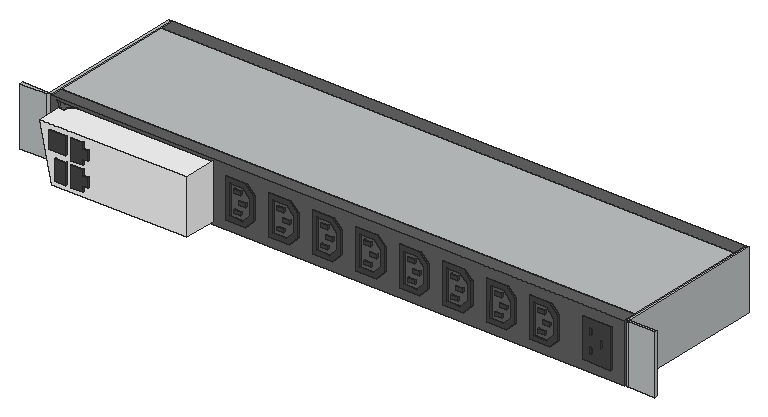
Revit family "Metered PDU 1U", category Installations électriques, Revit 2020
Family settings
  Conserver l'orientation des annotations = Non
  Cote de connecteur circulaire = Utiliser le diamètre
  Type d'élément = Normal
  Numéro OmniClass = 23.80.00.00
  Titre OmniClass = Electric Power and Lighting
  Basée sur le plan de construction = Non
  Toujours verticalement = Oui
  Couper avec des vides une fois chargée = Non
  Partagée = Non
  Point de calcul de pièce = Non
Parameters (values of type "PDU MN 19P 1P 16A 12 C13")
  type of voltage = "AC"  # constant formula
  Width (mm) = 482.6 mm
  Type of electric connection = "C20"
  Terminal marking indication = no
  Supply current = "16-16"
  Standby consumption = 0 mA
  RAL Number = "9017"  # constant formula
  Programming way = "Appli Web"
  Profondeur cuve + capot = 115 mm
  Power frequency = "50-50"  # constant formula
  Number of phases = 1
  Number of MCB = 0
  Number of C19 outlets = 0
  Number of C13 outlets = 8
  Mounting direction = "Horizontal"
  Length = 44.5 mm
  Legrand part number = "LG-646101"
  IP = "IP40"
  GTIN = "3414972245913"
  Function = "Unit DE DISTRIBUTION D'ENERGIE"  # constant formula
  Fabricant = "LEGRAND"  # constant formula
  Elévation par défaut = 1000 mm
  E-catalogue link = "https://www.legrand.fr/reference/646101/pro"
  Description = "PDU metered base 19 inch 1 phase 16A 12 C13 locking outlets IEC-320 C20"
  Depth (mm) = 115 mm
  Connectable by internet box = yes
  Color = "Black"  # constant formula
  Cable cross section MIN_MAX = ""
  Base_Node = Base_Node_Horizontal : Node HD
  BIM wording = "Linkeo DATA CENTER BASIC PDU"  # constant formula
  Application class = "EC002762"  # constant formula
Types (3, lengths in mm): name | Legrand part number | GTIN | E-catalogue link | Base_Node
  (no name) | "LG-646101" | "3414972245913" | "https://www.legrand.fr/reference/646101/pro" | Base_Node_Horizontal : Base HD
  PDU MB 19P 1P 16A 12 C13 | "LG-646100" | "3414972245852" | "https://www.legrand.fr/reference/646100/pro" | Base_Node_Horizontal : Base HD
  PDU MN 19P 1P 16A 12 C13 | "LG-646101" | "3414972245913" | "https://www.legrand.fr/reference/646101/pro" | Base_Node_Horizontal : Node HD
Reference planes
  plane 1 "Centre (avant/arrière)": y = 0
  plane 2: z = 0
  plane 3 "Centre (gauche/droite)": x = 0
  plane 4: x = -241.3
  plane 5: x = 241.3
  plane 6: y = -115
  plane 7: z = 44.5
  plane 8: y = -105
  plane 9: x = -218.3
  plane 10: x = 218.3
  plane 11: y = -10
Forms (mm)
  Extrusion 1, solid, material "LEGRAND - Inox"
    sketch origin (0, 0, 0) x (1, 0, 0) y (0, 1, 0)
      loop
        line (-218.3, -10) -> (-218.3, -105) -> (218.3, -105) -> (218.3, -10) -> (-218.3, -10)
    from 0 to 44.5
  Extrusion 2, solid, material "LEGRAND - Noir 9017"
    sketch origin (0, 0, 0) x (1, 0, 0) y (0, 1, 0)
      loop
        line (-218.3, -105) -> (-218.3, -115) -> (218.3, -115) -> (218.3, -105) -> (-218.3, -105)
    from 0 to 44.5
  Extrusion 3, solid, material "LEGRAND - Noir 9017"
    sketch origin (0, 105, 0) x (1, 0, 0) y (0, 1, 0)
      loop
        line (-218.3, -105) -> (-218.3, -115) -> (218.3, -115) -> (218.3, -105) -> (-218.3, -105)
    from 0 to 44.5
  Extrusion 4, solid, material "LEGRAND - Inox"
    sketch origin (0, 0, 0) x (1, 0, 0) y (0, 1, 0)
      loop
        arc (-220.3, -112) -> (-220.593, -112.707) -> (-221.3, -113) r 1
        line (-221.3, -113) -> (-241.3, -113) -> (-241.3, -115) -> (-221.3, -115)
        arc (-221.3, -115) -> (-219.179, -114.121) -> (-218.3, -112) r 3
        line (-218.3, -112) -> (-218.3, 0) -> (-220.3, 0) -> (-220.3, -112)
    from 0 to 44.5
  Extrusion 5, solid, material "LEGRAND - Inox"
    sketch origin (0, 0, 0) x (-1, 0, 0) y (0, -1, 0)
      loop
        line (-220.3, 112) -> (-220.3, 0) -> (-218.3, 0) -> (-218.3, 112)
        arc (-218.3, 112) -> (-219.179, 114.121) -> (-221.3, 115) r 3
        line (-221.3, 115) -> (-241.3, 115) -> (-241.3, 113) -> (-221.3, 113)
        arc (-221.3, 113) -> (-220.593, 112.707) -> (-220.3, 112) r 1
    from 0 to 44.5
  Extrusion 6, solid, material "LEGRAND - Noir", detail levels fine
    sketch origin (218.3, -115, 0) x (-1, 0, 0) y (0, 0, -1)
      loop
        line (9.874, -36.919) -> (31.374, -36.919) -> (31.374, -7.419) -> (9.874, -7.419) -> (9.874, -36.919)
      loop
        line (23.624, -31.169) -> (25.624, -31.169) -> (25.624, -26.169) -> (23.624, -26.169) -> (23.624, -31.169)
      loop
        line (15.624, -25.169) -> (17.624, -25.169) -> (17.624, -19.169) -> (15.624, -19.169) -> (15.624, -25.169)
      loop
        line (25.624, -18.169) -> (25.624, -13.169) -> (23.624, -13.169) -> (23.624, -18.169) -> (25.624, -18.169)
    from 0 to 1
Lines and regions (mm)
  model lines, detail levels fine
    curve 1: line (-228.8, -115, 41.55) -> (-235.8, -115, 41.55)
    curve 2: arc (-235.8, -115, 41.55) -> (-239.3, -115, 38.05) -> (-235.8, -115, 34.55) r 3.5
    curve 3: line (-235.8, -115, 34.55) -> (-228.8, -115, 34.55)
    curve 4: arc (-228.8, -115, 34.55) -> (-225.3, -115, 38.05) -> (-228.8, -115, 41.55) r 3.5
    curve 5: line (-228.8, -115, 25.65) -> (-235.8, -115, 25.65)
    curve 6: arc (-235.8, -115, 25.65) -> (-239.3, -115, 22.15) -> (-235.8, -115, 18.65) r 3.5
    curve 7: line (-235.8, -115, 18.65) -> (-228.8, -115, 18.65)
    curve 8: arc (-228.8, -115, 18.65) -> (-225.3, -115, 22.15) -> (-228.8, -115, 25.65) r 3.5
    curve 9: line (-235.8, -115, 9.75) -> (-228.8, -115, 9.75)
    curve 10: arc (-228.8, -115, 9.75) -> (-225.3, -115, 6.25) -> (-228.8, -115, 2.75) r 3.5
    curve 11: line (-228.8, -115, 2.75) -> (-235.8, -115, 2.75)
    curve 12: arc (-235.8, -115, 2.75) -> (-239.3, -115, 6.25) -> (-235.8, -115, 9.75) r 3.5
    curve 13: line (229.105, -115, 41.141) -> (236.105, -115, 41.141)
    curve 14: arc (236.105, -115, 41.141) -> (239.605, -115, 37.641) -> (236.105, -115, 34.141) r 3.5
    curve 15: line (236.105, -115, 34.141) -> (229.105, -115, 34.141)
    curve 16: arc (229.105, -115, 34.141) -> (225.605, -115, 37.641) -> (229.105, -115, 41.141) r 3.5
    curve 17: line (236.105, -115, 25.241) -> (229.105, -115, 25.241)
    curve 18: arc (229.105, -115, 25.241) -> (225.605, -115, 21.741) -> (229.105, -115, 18.241) r 3.5
    curve 19: line (229.105, -115, 18.241) -> (236.105, -115, 18.241)
    curve 20: arc (236.105, -115, 18.241) -> (239.605, -115, 21.741) -> (236.105, -115, 25.241) r 3.5
    curve 21: line (236.105, -115, 9.341) -> (229.105, -115, 9.341)
    curve 22: arc (229.105, -115, 9.341) -> (225.605, -115, 5.841) -> (229.105, -115, 2.341) r 3.5
    curve 23: line (229.105, -115, 2.341) -> (236.105, -115, 2.341)
    curve 24: arc (236.105, -115, 2.341) -> (239.605, -115, 5.841) -> (236.105, -115, 9.341) r 3.5
    curve 25: line (183.008, -115, 40.864) -> (212.444, -115, 40.864)
    curve 26: line (183.008, -115, 3.428) -> (183.008, -115, 40.864)
    curve 27: line (212.444, -115, 40.864) -> (212.444, -115, 3.428)
    curve 28: line (183.008, -115, 3.428) -> (212.444, -115, 3.428)
Dimensions and locks
  equal spacing: plane 5, plane 3 "Centre (gauche/droite)", plane 4
  "Width (mm)": plane 5 to plane 4
  "Profondeur cuve + capot": plane 6 to plane 1 "Centre (avant/arrière)"
  locked: plane 8 to plane 6 at 10
  "Length": plane 7 to plane 2
  locked: plane 9 to plane 4 at 23
  locked: plane 5 to plane 10 at 23
  locked: plane 11 to plane 1 "Centre (avant/arrière)" at 10
  aligned and locked: level to plane 2
  aligned and locked: plane 8 to Extrusion 1 sketch curve
  aligned and locked: Extrusion 2 sketch curve to plane 8
  aligned and locked: plane 6 to Extrusion 2 sketch curve
  aligned and locked: plane 11 to Extrusion 1
  aligned and locked: Extrusion 4 to plane 2
  aligned and locked: plane 7 to Extrusion 4
  aligned and locked: nested 1 to plane 6
  aligned and locked: nested 2 to plane 6
Automatic sketch dimensions
  Extrusion 1 sketch curve to plane 9 = 0 mm
  Extrusion 1 sketch curve to plane 10 = 0 mm
  Extrusion 1 sketch curve to plane 11 = 0 mm
  Extrusion 2 sketch curve to plane 9 = 0 mm
  Extrusion 2 sketch curve to plane 10 = 0 mm
  Extrusion 3 sketch curve to plane 9 = 0 mm
  Extrusion 3 sketch curve to plane 10 = 0 mm
  Extrusion 3 sketch curve to plane 11 = 0 mm
  plane 1 "Centre (avant/arrière)" to Extrusion 3 sketch curve = 0 mm
  Extrusion 4 sketch curve to Extrusion 4 sketch curve = 0 mm  (x2)
  Extrusion 4 sketch curve to plane 4 = 0 mm
  Extrusion 4 sketch curve to plane 6 = 0 mm
  Extrusion 4 sketch curve to plane 9 = 0 mm
  plane 6 to Extrusion 4 sketch curve = 2 mm
  Extrusion 4 sketch curve to Extrusion 4 sketch curve = 1 mm
  plane 1 "Centre (avant/arrière)" to Extrusion 4 sketch curve = 0 mm
  Extrusion 5 sketch curve to Extrusion 5 sketch curve = 0 mm  (x2)
  Extrusion 5 sketch curve to plane 5 = 0 mm
  Extrusion 5 sketch curve to plane 6 = 0 mm
  Extrusion 5 sketch curve to plane 10 = 0 mm
  Extrusion 5 sketch curve to plane 6 = 2 mm
  Extrusion 5 sketch curve to Extrusion 5 sketch curve = 1 mm
  Extrusion 5 sketch curve to plane 1 "Centre (avant/arrière)" = 0 mm
  Extrusion 4 to curve 1 = 2.95 mm
  curve 1 to Extrusion 4 = 7.5 mm
  Extrusion 4 to curve 2 = 5.5 mm
  curve 1 to curve 2 = 3.5 mm
  curve 8 to Extrusion 4 = 7.5 mm
  curve 8 to curve 7 = 0 mm
  curve 5 to curve 8 = 0 mm
  Extrusion 4 to curve 5 = 5.5 mm
  curve 5 to curve 6 = 0 mm
  curve 6 to curve 7 = 0 mm
  curve 3 to curve 5 = 8.9 mm
  curve 5 to curve 8 = 3.5 mm
  curve 10 to Extrusion 4 = 7.5 mm
  Extrusion 4 to curve 11 = 5.5 mm
  curve 7 to curve 9 = 8.9 mm
  curve 9 to curve 10 = 3.5 mm
  Extrusion 4 to curve 15 = 10.359 mm
  Extrusion 4 to curve 15 = 450.405 mm
  Extrusion 4 to curve 13 = 3.359 mm
  curve 13 to curve 15 = 0 mm
  curve 13 to curve 16 = 0 mm
  curve 15 to curve 15 = 7 mm
  curve 13 to curve 13 = 7 mm
  curve 13 to curve 14 = 0 mm
  curve 14 to curve 19 = 0 mm
  curve 20 to curve 19 = 7 mm
  curve 14 to curve 17 = 8.9 mm
  curve 17 to curve 18 = 3.5 mm
  Extrusion 4 to curve 23 = 2.341 mm
  curve 20 to curve 23 = 0 mm
  curve 24 to curve 23 = 0 mm
  curve 21 to curve 24 = 0 mm
  curve 24 to curve 21 = 7 mm
  curve 21 to curve 22 = 0 mm
  curve 22 to curve 23 = 0 mm
  curve 21 to curve 23 = 7 mm
  Extrusion 2 to curve 25 = 3.636 mm
  curve 25 to Extrusion 2 = 35.292 mm
  curve 25 to Extrusion 2 = 5.856 mm
  Extrusion 2 to curve 26 = 3.428 mm
  Extrusion 6 sketch curve to Extrusion 2 = 9.874 mm
  Extrusion 2 to Extrusion 6 sketch curve = 7.419 mm
  Extrusion 2 to Extrusion 6 sketch curve = 7.581 mm
  Extrusion 6 sketch curve to Extrusion 6 sketch curve = 21.5 mm
  Extrusion 6 sketch curve to Extrusion 6 sketch curve = 7.75 mm
  Extrusion 6 sketch curve to Extrusion 6 sketch curve = 2 mm  (x3)
  Extrusion 6 sketch curve to Extrusion 6 sketch curve = 5.75 mm
  Extrusion 6 sketch curve to Extrusion 6 sketch curve = 5 mm  (x2)
  Extrusion 6 sketch curve to Extrusion 6 sketch curve = 8 mm
  Extrusion 6 sketch curve to Extrusion 6 sketch curve = 1 mm  (x2)
  Extrusion 6 sketch curve to Extrusion 6 sketch curve = 6 mm  (x2)
Nested families
  nested 1: "Metered PDU_Prises_Horizontales" at (-241.3, -115, 22.15), type "646100_646101", detail levels fine
  nested 2: "Base_Node_Horizontal" at (-217.1, -115, 1.769), type <- "Base_Node", type "Node HD"
Connectors
  electrical at (0, -57.5, 0)
    settings: on Extrusion 1, index 1, voltage 0 V, apparent load 0 VA, apparent load phase1 0 VA, apparent load phase2 0 VA, apparent load phase3 0 VA, power factor 1, load classification "Autre", number of poles 1, system type 31, power factor state 1, is connector primary yes, connector utility no, sub classification motor no, connector description ""
Definition of nested family "Metered PDU_Prises_Horizontales"
  Parameters (values of type "646100_646101")
    Default Elevation = 0 mm
  Reference planes
    plane 1 "Centre (avant/arrière)": y = 0
    plane 2: z = 0
    plane 3 "Centre (gauche/droite)": x = 0
    plane 4: z = 22.15
    plane 5: z = 22.15
    plane 6: z = -22.15
  Lines and regions (mm)
    model lines
      curve 1: line (253.563, 0, 22.15) -> (253.563, 0, -22.15)
      curve 2: line (154.468, 0, 22.15) -> (154.468, 0, -22.15)
      curve 3: line (352.657, 0, 22.15) -> (352.657, 0, -22.15)
      curve 4: line (418.751, 0, 22.15) -> (418.751, 0, -22.15)
  Dimensions and locks
    plane 4 to plane 6 = 44.3 mm
    equal spacing: plane 5, plane 2, plane 6
    aligned and locked: level to plane 2
  Automatic sketch dimensions
    curve 2 to plane 6 = 0 mm
    curve 2 to plane 4 = 0 mm
    curve 1 to plane 6 = 0 mm
    curve 1 to plane 4 = 0 mm
    curve 3 to plane 6 = 0 mm
    curve 3 to plane 4 = 0 mm
    curve 4 to plane 6 = 0 mm
    curve 4 to plane 4 = 0 mm
    plane 3 "Centre (gauche/droite)" to curve 2 = 154.468 mm
    curve 2 to curve 1 = 99.094 mm
    curve 1 to curve 3 = 99.094 mm
    curve 3 to curve 4 = 66.094 mm
  Nested families
    nested 1: "Prise ronde simple horizontale" at (167.849, 0, 0.001), type "Prise ronde simple horizontale"
    nested 2: "Prise ronde simple horizontale" at (200.849, 0, 0.001), type "Prise ronde simple horizontale"
    nested 3: "Prise ronde simple horizontale" at (233.85, 0, 0.001), type "Prise ronde simple horizontale"
    nested 4: "Prise ronde simple horizontale" at (266.943, 0, 0.001), type "Prise ronde simple horizontale"
    nested 5: "Prise ronde simple horizontale" at (299.944, 0, 0.001), type "Prise ronde simple horizontale"
    nested 6: "Prise ronde simple horizontale" at (332.944, 0, 0.001), type "Prise ronde simple horizontale"
    nested 7: "Prise ronde simple horizontale" at (366.038, 0, 0.001), type "Prise ronde simple horizontale"
    nested 8: "Prise ronde simple horizontale" at (399.038, 0, 0.001), type "Prise ronde simple horizontale"
  Definition of nested family "Prise ronde simple horizontale"
    Parameters (values of type "Prise ronde simple horizontale")
      Default Elevation = 0 mm
    Reference planes
      plane 1 "Centre (avant/arrière)": y = 0
      plane 2: z = 0
      plane 3 "Centre (gauche/droite)": x = 0
    Forms (mm)
      Extrusion 1, solid
        sketch origin (0, 0, -932.082) x (1, 0, 0) y (0, 0, 1)
          loop
            line (4.763, 946.882) -> (-10.803, 946.882) -> (-10.804, 917.279) -> (4.759, 917.278) -> (10.803, 923.322) -> (10.803, 940.841) -> (4.763, 946.882)
          loop
            line (-7.831, 943.513) -> (-7.832, 920.651) -> (2.306, 920.65) -> (7.831, 926.472) -> (7.831, 937.691) -> (2.307, 943.513) -> (-7.831, 943.513)
          loop
            line (-4.621, 937.76) -> (0.622, 937.76) -> (0.622, 940.403) -> (-4.621, 940.403) -> (-4.621, 937.76)
          loop
            line (4.622, 933.403) -> (-0.621, 933.403) -> (-0.622, 930.76) -> (4.621, 930.76) -> (4.622, 933.403)
          loop
            line (0.621, 926.403) -> (-4.622, 926.403) -> (-4.622, 923.76) -> (0.621, 923.76) -> (0.621, 926.403)
        from 0 to 1
    Dimensions and locks
      aligned and locked: level to plane 2
Definition of nested family "Base_Node_Horizontal"
  Parameters (values of type "Base HD")
    Node = no
    Default Elevation = 0 mm
    Base = yes
  Types (2, lengths in mm): name | Node | Base
    Base HD | no | yes
    Node HD | yes | no
  Reference planes
    plane 1 "Centre (avant/arrière)": y = 0
    plane 2: z = 0
    plane 3 "Centre (gauche/droite)": x = 0
  Forms (mm)
    Extrusion 1, solid, visible <- "Node"
      sketch origin (-4.124, 0, 20.487) x (0, 0, -1) y (1, 0, 0)
        loop
          line (-20.475, 125.964) -> (-20.475, 14.024) -> (20.488, 23.668) -> (20.488, 125.964) -> (-20.475, 125.964)
      from 0 to 24.5
    Extrusion 2, solid, visible <- "Node", detail levels fine
      sketch origin (-886.471, 0, 22.349) x (0, 0, -1) y (1, 0, 0)
        loop
          line (-14.958, 929.905) -> (-14.958, 921.277) -> (0.405, 921.277) -> (0.405, 929.905) -> (-3.595, 929.905) -> (-3.595, 933.74) -> (-10.958, 933.74) -> (-10.958, 929.905) -> (-14.958, 929.905)
        loop
          line (18.682, 929.905) -> (14.682, 929.905) -> (14.682, 933.74) -> (7.319, 933.74) -> (7.319, 929.905) -> (3.319, 929.905) -> (3.319, 921.277) -> (18.682, 921.277) -> (18.682, 929.905)
        loop
          line (-14.958, 917.057) -> (-14.958, 904.057) -> (-1.497, 904.057) -> (-1.497, 917.057) -> (-14.958, 917.057)
        loop
          line (3.319, 917.057) -> (3.319, 909.005) -> (18.682, 909.005) -> (18.682, 917.057) -> (3.319, 917.057)
      from 24.5 to 25.5
    Extrusion 3, solid, visible <- "Base", detail levels fine
      sketch origin (-877.721, 24.5, 22.356) x (0, 0, -1) y (1, 0, 0)
        loop
          line (-14.958, 929.905) -> (-14.958, 921.277) -> (0.405, 921.277) -> (0.405, 929.905) -> (-3.595, 929.905) -> (-3.595, 933.74) -> (-10.958, 933.74) -> (-10.958, 929.905) -> (-14.958, 929.905)
        loop
          line (18.682, 929.905) -> (14.682, 929.905) -> (14.682, 933.74) -> (7.319, 933.74) -> (7.319, 929.905) -> (3.319, 929.905) -> (3.319, 921.277) -> (18.682, 921.277) -> (18.682, 929.905)
        loop
          line (-4.848, 974.005) -> (-4.848, 957.988) -> (8.585, 957.988) -> (8.585, 974.005) -> (-4.848, 974.005)
      from 24.5 to 25.5
    Sweep 4, solid, detail levels fine
      path origin (0.302, -24.5, 20.487) x (0, 0, -1) y (1, 0, 0)
        loop
          line (-50.389, 4.547) -> (47.662, 27.63)
      profile origin (16.39, -24.5, 21.851) x (0.97339, 0, 0.229156) y (0, -1, 0)
        loop
          line (1.947, -18.498) -> (-1.938, -18.498)
          spline (-1.938, -18.498) -> (-1.987, -19.281) -> (-2.139, -20.051) -> (-2.39, -20.794) -> (-2.736, -21.499) -> (-3.17, -22.151) -> (-3.687, -22.742) -> (-4.277, -23.259) -> (-4.929, -23.696) -> (-5.633, -24.043) -> (-6.376, -24.295) -> (-7.146, -24.448) -> (-7.93, -24.5)
          line (-7.93, -24.5) -> (7.959, -24.5)
          spline (7.959, -24.5) -> (7.175, -24.449) -> (6.405, -24.295) -> (5.661, -24.043) -> (4.957, -23.696) -> (4.303, -23.259) -> (3.712, -22.742) -> (3.194, -22.151) -> (2.756, -21.499) -> (2.408, -20.794) -> (2.154, -20.051) -> (2, -19.281) -> (1.947, -18.498)
    Extrusion 5, void
      sketch origin (-4.124, -24.5, 20.487) x (0, 0, 1) y (1, 0, 0)
        loop
          line (55.039, 30.337) -> (20.575, 30.337) -> (20.575, -10.064) -> (55.039, -10.064) -> (55.039, 30.337)
        loop
          line (-20.587, 45.323) -> (-52.15, 45.323) -> (-52.15, 8.339) -> (-20.587, 8.339) -> (-20.587, 45.323)
      from 0 to 250
  Cuts and joins
    Extrusion 5 cuts Sweep 4
  Lines and regions (mm)
    Split face 1
      outline origin (-4.124, -24.5, 20.487) x (0, 0, -1) y (1, 0, 0)
        loop
          line (-20.475, 68.828) -> (20.488, 68.828)
    Split face 2
      outline origin (-4.124, -24.5, 20.487) x (0, 0, -1) y (1, 0, 0)
        loop
          line (-14.524, 119.945) -> (-14.524, 83.845) -> (14.476, 83.845) -> (14.476, 119.945) -> (-14.524, 119.945)
    model lines, detail levels fine
      curve 1: line (123.075, 0, 40.962) -> (123.075, 0, 0)
      curve 2: line (0, 0, 40.962) -> (123.075, 0, 40.962)
      curve 3: line (123.075, 0, 0) -> (0, 0, 0)
      curve 4: line (0, 0, 0) -> (0, 0, 40.962)
  Dimensions and locks
    aligned and locked: level to plane 2
